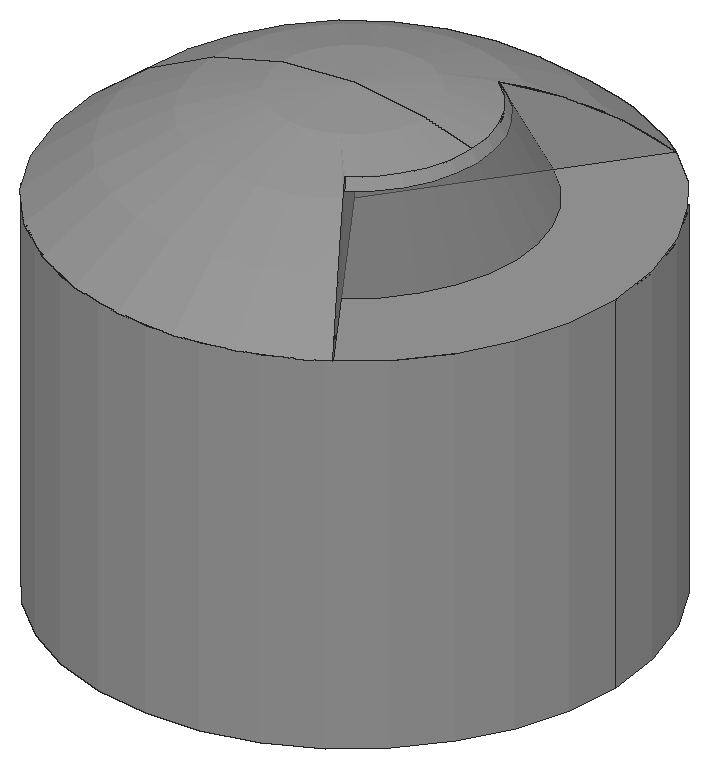
Revit family "4069407 Sylvania Lighting Fixture PATHE GROUND DECO MONO2 NARROW 98LM LED 3K", category Lighting Fixtures, host Face, Revit 2016
Family settings
  Host = Face
  Part Type = Normal
  Round Connector Dimension = Use Diameter
  OmniClass Number = 23.80.70.00
  OmniClass Title = Lighting
  Cut with Voids When Loaded = No
  Light Source = No
  Shared = No
  Room Calculation Point = No
Parameters (values of type "4069407 PATHE/G/DM2 NAR 98LM LED 3K")
  Weight = "0.9 kg"
  Wattage Comments = ""
  WarrantyStartDate [instance] = "n/a"
  WarrantyGuarantorParts = "n/a"
  WarrantyDurationUnit = "n/a"
  WarrantyDurationParts = "n/a"
  WarrantyDescription = "n/a"
  Voltage = 0 V
  URL = "http://www.sylvania-lighting.com"
  TypeName = "PATHE/GROUND/DECO MONO2 NARROW 98LM LED 3K"
  TypeLight_SYL = Pathe DM light : 4069407 PATHE/G/DM2 NAR 98LM LED 3K
  Type Image = <None>
  Type Comments = "n/a"
  SerialNumber [instance] = "n/a"
  RotationStart_SYL [instance] = if(BeamInclination22Deg_SYL, 22.00°, if(BeamInclination45Deg_SYL, 45.00°, 0.00°))  # 0.00°
  RotationEnd_SYL [instance] = RotationStart_SYL + 180.00°  # 180.00°
  Radius_SYL = 145 mm / 2  # 72.5 mm
  RadiusRef_SYL = 120 mm  # constant formula
  RadiusOpeningTop_SYL = 30 mm  # constant formula
  RadiusDome_SYL = 212 mm / 2  # 106 mm
  RadiusDiffuserBottom_SYL = 45 mm  # constant formula
  Offset_SYL = 0 mm
  Material_3_SYL = none
  PowerFactor = 0
  PowerConsumption = "4 W"
  NominalLength = 145 mm
  NominalHeight = 93 mm
  NominalDepth = 0 mm
  Name = "PATHE/GROUND/DECO MONO2 NARROW 98LM LED 3K"
  ModelReference = Name  # "PATHE/GROUND/DECO MONO2 NARROW 98LM LED 3K"
  ModelNumber = "4069407"
  Model = Name  # "PATHE/GROUND/DECO MONO2 NARROW 98LM LED 3K"
  Material = "corrosion resistant die-cast aluminium housing, uv-resistant polycarbonate diffuser"
  ManufacturerName = "Feilo Sylvania"
  Manufacturer = "Feilo Sylvania"
  LuminousEfficacy = "24.5 lm/W"
  LuminaireType = ""
  LightOutputRatio = "100"
  LampsType = Lamp  # "LED"
  LampNominalLuminous = "98 lm"
  LampMacAdamStep = "n/a"
  LampColourTemperature = "3000 K"
  LampColourRenderingIndex = "80"
  Lamp = "LED"
  Keynote = "16500"
  InstallationDate [instance] = "n/a"
  InputVoltage = "n/a"
  InputNominalFrequency = "n/a"
  IngressProtection = "IP67"
  ImpactProtectionIndex = "IK10"
  IfcExportType = "IfcLightFixtureType"
  IfcExportAs = "IfcLightFixtureType"
  HieghtGround_SYL = 93 mm  # constant formula
  HeightDome_SYL = 32 mm  # constant formula
  ExpectedLife = 50000
  EmittionSurface_SYL = 40 mm  # constant formula
  ElectricShockClassification = "Class I"
  DurationUnit = "hours"
  DocumentationLiterature = "http://www.sylvania-lighting.com/product/en-int/products/4069407"
  DimmingControlOptions = "n/a"
  Material_2_SYL = PC-Sylvania-PatheDM-Glow
  Description = "Single emission recessed ground luminaire, Corrosion resistant die-cast aluminium, 98lm, 4W, 24lm/W, 3000K, CRI80+, 10°, non dimmable, IP67, IK10, (ØxD) Ø145x125mm, 3 step MacAdam ellipse, 1.2kg, Class I, 220-240V, A++ A+ A"
  Default Elevation = 1219.2 mm
  CreatedOn = "9/26/2018"
  CreatedBy = "@sylvania-lighting.com"
  Cost = 0
  built-in parameter 1114216 [instance] = (empty or 0)
  ClassificationValue = "EF_70_80"
  ClassificationName = "Uniclass2015"
  Material_1_SYL = Aluminum 6061 T6 80 Hot Formed
  BeamInclination45Deg_SYL [instance] = no
  BeamInclination22Deg_SYL [instance] = no
  BarCode [instance] = "n/a"
  AssetType = "Fixed"
  AssetIdentifier [instance] = "n/a"
  Assembly Code = "D5020200"
  Apparent Load = 4 VA
  Material_4_SYL = none
  AngleOpening_SYL = 55.00°
  AngleOpeningMINUS_SYL = -AngleOpening_SYL  # -55.00°
Reference planes
  plane 1 "Center (Front/Back)": y = 0
  plane 2: z = 0
  plane 3 "Center (Left/Right)": x = 0
  plane 4: x = -72.5
  plane 5: z = 32
  plane 6: z = -93
  plane 7: z = -50.5
  plane 8: x = 45
  plane 9: x = 30
  plane 10: z = 24
  plane 11: x = 40
  plane 12: z = 14
Forms (mm)
  Revolve 1, void
    sketch origin (0, 0, 0) x (1, 0, 0) y (0, 0, 1)
      loop
        line (0, -93) -> (0, 0) -> (-72.5, 0) -> (-72.5, -93) -> (0, -93)
      axis (0, 0) -> (0, -93)
    angle from 360 to 0
  Revolve 2, solid, material "Aluminum 6061 T6 80 Hot Formed" <- "Material_1_SYL"
    sketch origin (0, 0, 0) x (1, 0, 0) y (0, 0, 1)
      loop
        arc (0, 32) -> (-38.982, 24.572) -> (-72.5, 3.329) r 106
        line (-72.5, 3.329) -> (-72.5, -93) -> (0, -93) -> (0, 32)
      axis (0, 32) -> (0, -93)
    angle from 360 to 0
  Blend 3, void
    base sketch origin (1223.4, -4572, 32) x (-1, 0, 0) y (0, -1, 0)
      loop
        arc (1206.193, -4596.575) -> (1193.4, -4572) -> (1206.193, -4547.425) r 30
        line (1206.193, -4547.425) -> (1154.571, -4473.702)
        arc (1154.571, -4473.702) -> (1103.4, -4572) -> (1154.571, -4670.298) r 120
        line (1154.571, -4670.298) -> (1206.193, -4596.575)
    top sketch origin (1223.4, -4572, 32) x (-1, 0, 0) y (0, -1, 0)
      loop
        line (1154.571, -4670.298) -> (1197.589, -4608.862)
        arc (1197.589, -4608.862) -> (1178.4, -4572) -> (1197.589, -4535.138) r 45
        line (1197.589, -4535.138) -> (1154.571, -4473.702)
        arc (1154.571, -4473.702) -> (1103.4, -4572) -> (1154.571, -4670.298) r 120
    from 0 to -28.671
  Revolve 4, void
    sketch origin (0, 0, 0) x (1, 0, 0) y (0, 0, 1)
      loop
        line (0, 24) -> (0, 3.329) -> (45, 3.329) -> (45, 24) -> (0, 24)
      axis (0, 24) -> (0, 3.329)
    angle from -55 <- "AngleOpeningMINUS_SYL" to 55 <- "AngleOpening_SYL"
  Revolve 5, solid, material "PC-Sylvania-PatheDM-Glow" <- "Material_2_SYL"
    sketch origin (0, 0, 0) x (1, 0, 0) y (0, 0, 1)
      loop
        line (0, 24) -> (0, 3.329) -> (45, 3.329) -> (34.185, 24) -> (0, 24)
      axis (0, 24) -> (0, 3.329)
    angle from -55 <- "AngleOpeningMINUS_SYL" to 55 <- "AngleOpening_SYL"
  Revolve 6, solid, not visible
    sketch origin (40, 1524, 1219.2) x (0, 1, 0) y (0, 0, 1)
      loop
        line (-1520, -1205.2) -> (-1520, -1202.402) -> (-1528, -1202.402) -> (-1528, -1205.2) -> (-1520, -1205.2)
      axis (-1520, -1205.2) -> (-1528, -1205.2)
    angle from 0 <- "RotationStart_SYL" to 180 <- "RotationEnd_SYL"
Cuts and joins
  Blend 3, Revolve 4 cuts Revolve 2
Lines and regions (mm)
  reference lines
    curve 1: circle (0, 0, -74) r 106 normal (0, -1, 0)
    curve 2: line (-72.5, 0, 3.329) -> (0, 0, 3.329)
    curve 3: circle (0, 0, 32) r 30 normal (0, 0, -1)
    curve 4: line (0, 0, 32) -> (34.415, 49.149, 32)
    curve 5: line (0, 0, 32) -> (34.415, -49.149, 32)
    curve 6: line (0, 0, 32) -> (40.15, 57.341, 32)
    curve 7: line (40.15, -57.341, 32) -> (0, 0, 32)
    curve 8: circle (0, 0, 32) r 45 normal (0, 0, -1)
    curve 9: line (30, 0, 32) -> (45, 0, 3.329)
    curve 10: line (40, -4, 1.596) -> (40, -4, 32)
    curve 11: line (40, 4, 32) -> (40, 4, 1.596)
    curve 12: circle (0, 0, 32) r 120 normal (0, 0, -1)
Dimensions and locks
  "Radius_SYL": plane 3 "Center (Left/Right)" to plane 4
  "HeightDome_SYL": plane 5 to plane 2
  "HieghtGround_SYL": plane 2 to plane 6
  "RadiusDome_SYL": plane 5 to curve 1
  "Offset_SYL": curve 6 to curve 4
  "Offset_SYL": curve 5 to curve 7
  "RadiusOpeningTop_SYL": plane 3 "Center (Left/Right)" to plane 9
  "RadiusDiffuserBottom_SYL": plane 3 "Center (Left/Right)" to plane 8
  locked: plane 5 to plane 10 at 8
  "EmittionSurface_SYL": plane 3 "Center (Left/Right)" to plane 11
  locked: plane 10 to plane 12 at 10
  curve 10 to plane 1 "Center (Front/Back)" to curve 11 = 4 mm locked, 4 mm locked
  "RadiusDome_SYL": radius of curve 1
  "RadiusOpeningTop_SYL": radius of curve 3
  "RadiusDiffuserBottom_SYL": radius of curve 8
  "RadiusRef_SYL": radius of curve 12
  "AngleOpening_SYL": angle plane 1 "Center (Front/Back)" to curve 4
  "AngleOpening_SYL": angle curve 5 to plane 1 "Center (Front/Back)"
  "AngleOpening_SYL": angle plane 1 "Center (Front/Back)" to curve 6
  "AngleOpening_SYL": angle curve 7 to plane 1 "Center (Front/Back)"
  aligned and locked: plane 2 to host face
  aligned and locked: level to host face
  aligned and locked: plane 3 "Center (Left/Right)" to curve 1
  aligned and locked: plane 3 "Center (Left/Right)" to curve 2
  aligned and locked: Revolve 1 sketch curve to plane 3 "Center (Left/Right)"  (x2)
  aligned and locked: Revolve 1 sketch curve to plane 6
  aligned and locked: Revolve 1 sketch curve to level
  aligned and locked: plane 4 to Revolve 1 sketch curve
  aligned and locked: Revolve 2 sketch curve to plane 3 "Center (Left/Right)"  (x2)
  aligned and locked: Revolve 2 sketch curve to curve 1
  aligned and locked: Revolve 2 sketch curve to plane 4
  aligned and locked: plane 3 "Center (Left/Right)" to curve 3
  aligned and locked: plane 1 "Center (Front/Back)" to curve 3
  aligned and locked: plane 3 "Center (Left/Right)" to curve 4
  aligned and locked: plane 1 "Center (Front/Back)" to curve 6
  aligned and locked: plane 3 "Center (Left/Right)" to curve 8
  aligned and locked: plane 1 "Center (Front/Back)" to curve 8
  aligned and locked: plane 5 to Blend 3
  aligned and locked: curve 2 to Blend 3
  aligned and locked: curve 9 to cut or joined group of Revolve 2, Blend 3, Revolve 4
  aligned and locked: plane 9 to curve 9
  aligned and locked: plane 5 to curve 9
  aligned and locked: plane 8 to curve 9
  aligned and locked: curve 2 to curve 9
  aligned and locked: Revolve 4 sketch curve to plane 3 "Center (Left/Right)"
  aligned and locked: Revolve 4 sketch curve to curve 2
  aligned and locked: plane 3 "Center (Left/Right)" to Revolve 4 sketch curve
  aligned and locked: Revolve 4 sketch curve to plane 8
  aligned and locked: plane 10 to Revolve 4 sketch curve
  aligned and locked: Revolve 5 sketch curve to plane 3 "Center (Left/Right)"
  aligned and locked: curve 9 to Revolve 5 sketch curve
  aligned and locked: Revolve 6 sketch curve to plane 12  (x2)
  aligned and locked: curve 11 to Revolve 6 sketch curve
  aligned and locked: curve 10 to Revolve 6 sketch curve
  aligned and locked: plane 6 to Revolve 2 sketch curve
  aligned and locked: plane 1 "Center (Front/Back)" to nested 1
  aligned and locked: plane 12 to nested 1
  aligned and locked: Blend 3 sketch curve to curve 12  (x2)
  aligned and locked: curve 6 to Blend 3 sketch curve
  aligned and locked: Blend 3 sketch curve to curve 7
  aligned and locked: Blend 3 sketch curve to curve 3
  aligned and locked: Revolve 5 to Blend 3 sketch curve  (x2)
  aligned and locked: Blend 3 sketch curve to curve 8
Automatic sketch dimensions
  host sketch curve to host sketch curve = 2438.4 mm  (x2)
  plane 6 to Revolve 1 sketch curve = 534.6 mm
  Revolve 1 sketch curve to plane 5 = 2589.058 mm
  plane 6 to Revolve 4 sketch curve = 534.6 mm
  Revolve 4 sketch curve to plane 5 = 2589.058 mm
  plane 6 to Revolve 5 sketch curve = 534.6 mm
  Revolve 5 sketch curve to plane 5 = 2589.058 mm
  curve 2 to plane 4 = 0 mm
  plane 5 to curve 11 = 0 mm
  plane 5 to curve 10 = 0 mm
  level to curve 10 = 1.596 mm
  level to curve 11 = 1.596 mm
  Revolve 6 sketch curve to Revolve 6 sketch curve = 2.798 mm
  Revolve 6 sketch curve to Revolve 6 sketch curve = 2550.941 mm
  Revolve 6 sketch curve to Revolve 6 sketch curve = 2093.409 mm
  plane 6 to Revolve 2 sketch curve = 534.6 mm
  Revolve 2 sketch curve to Revolve 2 sketch curve = 2589.058 mm
  curve 3 to curve 12 = 0 mm  (x2)
  Blend 3 sketch curve to Blend 3 sketch curve = 0 mm  (x2)
  Revolve 5 sketch curve to plane 3 "Center (Left/Right)" = 0 mm
  Revolve 5 sketch curve to plane 10 = 0 mm
  Revolve 5 sketch curve to plane 8 = 0 mm
Nested families
  nested 1: "Pathe DM light" at (40, 0, 14) x (0, 0, 1) z (1, 0, 0), type <- "TypeLight_SYL", type "4069407 PATHE/G/DM2 NAR 98LM LED 3K"
    with built-in parameter 1114216 (empty or 0)
Connectors
  electrical at (0, 0, 0), driven by "Apparent Load", driven by "PowerFactor", driven by "Voltage"
    settings: index 1, voltage 0 V, apparent load 4 VA, apparent load phase1 0 VA, apparent load phase2 0 VA, apparent load phase3 0 VA, power factor 0, load classification "Lighting", number of poles 1, system type 30, power factor state 1, is connector primary yes, connector utility no, sub classification motor no, connector description ""
Definition of nested family "Pathe DM light"
  Parameters (values of type "4069478 PATHE/G/DM3 ELLIP 320LM LED 4K")
    Wattage Comments = "n/a"
    Wattage = 11 W
    built-in parameter 1150110 = 1 (stored number, unit not read)
    URL = "http://www.sylvania-lighting.com"
    Type Image = (empty or 0)
    Type Comments = "n/a"
    built-in parameter 1114217 = 1 (stored number, unit not read)
    Tilt Angle = -90.00°
    built-in parameter 1150109 = 1 (stored number, unit not read)
    built-in parameter 1150134 = 12
    built-in parameter 1150113 = 1 (stored number, unit not read)
    RadiusTop_SYL = 463.25 mm
    RadiusSide_SYL = 88.395 mm
    RadiusLensCircle_SYL = 25.5 mm
    Photometric Web File = "Pathe Ground DM.ies"
    built-in parameter 1150142 = "IESNA:LM-63-2002\r\n[TEST] \"\"\r\n[TESTLAB] FEILO SYLVANIA Lighting EULUMDAT\r\n[TESTDATE] 26 Oct 2017\r\n[ISSUEDATE] 26 Oct 2017\r\n[MANUFAC] FEILO SYLVANIA Lighting EULUMDAT\r\n[LUMCAT] 0027954\r\n[LUMINAIRE] RefLED Superia v3 MR16 Dimmable 450lm 840 25°\r\n[FLASHAREA] 0.000195\r\n[LAMPCAT] RefLED Superia v3 MR16 Dimmable 450lm 840 25°\r\n[LAMP] RefLED Superia v3 MR16 Dimmable 450lm 840 25°\r\nTILT=NONE\r\n1 500.00 1.0 67 1 1 2 -0.032 -0.032 0.000\r\n1.00 1.00 5.00\r\n0.00 0.50 1.00 1.50 2.00 2.50 3.00 3.50 4.00 4.50 5.00 \r\n6.00 7.00 8.00 9.00 10.00 11.00 12.00 13.00 14.00 15.00 \r\n16.00 17.00 18.00 19.00 20.00 21.00 22.00 23.00 24.00 \r\n25.00 26.00 27.00 28.00 29.00 30.00 32.00 34.00 36.00 \r\n38.00 40.00 42.00 44.00 45.00 46.00 48.00 50.00 52.00 \r\n54.00 56.00 58.00 60.00 62.00 64.00 66.00 68.00 70.00 \r\n72.00 74.00 76.00 78.00 80.00 82.00 84.00 86.00 88.00 \r\n90.00 \r\n0.00 \r\n952.00 950.00 948.50 945.00 940.00 932.00 923.00 911.00 \r\n898.00 881.00 860.50 800.50 740.00 692.50 642.50 587.00 \r\n533.00 481.50 432.00 382.50 334.00 288.50 250.00 212.00 \r\n181.50 156.00 134.00 117.50 103.50 92.00 82.50 74.00 \r\n67.50 60.50 55.00 49.75 41.20 34.30 28.55 24.25 20.95 \r\n18.20 16.00 15.15 14.35 12.70 11.45 10.45 9.50 8.40 7.60 \r\n6.75 5.95 3.45 1.50 0.70 0.55 0.55 0.55 0.70 0.70 0.70 \r\n0.70 0.70 0.70 0.70 0.70 \r\n"
    Model = "PATHE/GROUND/DECO MONO3 ELLIPTICAL 320LM LED 4K"
    Manufacturer = "Feilo Sylvania"
    built-in parameter 1150105 = 609.28 (stored number, unit not read)
    Lumens = 320 lm
    built-in parameter 1150115 = 1 (stored number, unit not read)
    built-in parameter 1150137 = (empty or 0)
    built-in parameter 1150139 = (empty or 0)
    built-in parameter 1150112 = 1 (stored number, unit not read)
    built-in parameter 1150114 = 1 (stored number, unit not read)
    Lamp = "LED"
    Keynote = "16500"
    built-in parameter 1150132 = (empty or 0)
    built-in parameter 1150102 = (empty or 0)
    built-in parameter 1150107 = 4000 (stored number, unit not read)
    built-in parameter 1150138 = (empty or 0)
    built-in parameter 1150106 = 6.0928 (stored number, unit not read)
    built-in parameter 1150104 = 2.7026 (stored number, unit not read)
    Dimming Lamp Color Temperature Shift = (empty or 0)
    Description = "Single emission recessed ground luminaire, Corrosion resistant die-cast aluminium, 320lm, 11W, 29lm/W, 4000K, CRI80+, 13°,40°, non dimmable, IP67, IK10, (ØxD) Ø215x245mm, 3, Class I, 220-240V, A++ A+ A"
    Default Elevation = 1219.2 mm
    Cost = 0
    Color Filter = 16777215
    built-in parameter 1114216 [instance] = (empty or 0)
    built-in parameter 1114218 = 1 (stored number, unit not read)
    built-in parameter 1150133 = 10 (stored number, unit not read)
    Assembly Code = "D5020200"
    Apparent Load = 11 VA
  Types (12, lengths in mm): name | Wattage | built-in parameter 1150134 | Model | built-in parameter 1150105 | Lumens | built-in parameter 1150107 | built-in parameter 1150106 | built-in parameter 1150104 | Description | Apparent Load
    4069478 PATHE/G/DM3 ELLIP 320LM LED 4K | 11 W | 12 | "PATHE/GROUND/DECO MONO3 ELLIPTICAL 320LM LED 4K" | 609.28 (stored number, unit not read) | 320 lm | 4000 (stored number, unit not read) | 6.0928 (stored number, unit not read) | 2.7026 (stored number, unit not read) | "Single emission recessed ground luminaire, Corrosion resistant die-cast aluminium, 320lm, 11W, 29lm/W, 4000K, CRI80+, 13°,40°, non dimmable, IP67, IK10, (ØxD) Ø215x245mm, 3, Class I, 220-240V, A++ A+ A" | 11 VA
    4069477 PATHE/G/DM1 ELLIP 51LM LED 4K | 1.5 W | 12 | "PATHE/GROUND/DECO MONO1 ELLIPTICAL 51LM LED 4K" | 97.104 (stored number, unit not read) | 51 lm | 4000 (stored number, unit not read) | 0.97104 (stored number, unit not read) | 3.1587 (stored number, unit not read) | "Single emission recessed ground luminaire, Corrosion resistant die-cast aluminium, 51lm, 1.5W, 34lm/W, 4000K, CRI80+, 13°,40°, non dimmable, IP67, IK10, (ØxD) Ø95x95mm, 3 step MacAdam ellipse, 1.2kg, Class I, 220-240V, A++ A+ A" | 1.5 VA
    4069413 PATHE/G/DM3 NAR 323LM LED 3K | 11 W | (empty or 0) | "PATHE/GROUND/DECO MONO3 NARROW 323LM LED 3K" | 614.99 (stored number, unit not read) | 323 lm | 3000 (stored number, unit not read) | 6.1499 (stored number, unit not read) | 2.728 (stored number, unit not read) | "Single emission recessed ground luminaire, Corrosion resistant die-cast aluminium, 323lm, 11W, 29lm/W, 3000K, CRI80+, 10°, non dimmable, IP67, IK10,  (ØxD) Ø215x245mm, 3 step MacAdam ellipse, Class I, 220-240V, A++ A+ A" | 11 VA
    4069412 PATHE/G/DM3 ELLIP 302LM LED 3K | 11 W | (empty or 0) | "PATHE/GROUND/DECO MONO3 ELLIPTICAL 302LM LED 3K" | 575.01 (stored number, unit not read) | 302 lm | 3000 (stored number, unit not read) | 5.7501 (stored number, unit not read) | 2.5506 (stored number, unit not read) | "Single emission recessed ground luminaire, Corrosion resistant die-cast aluminium, 302lm, 11W, 27lm/W, 3000K, CRI80+, 13°,40°, non dimmable, IP67, IK10, (ØxD) Ø215x245mm, 3 step MacAdam ellipse, Class I, 220-240V, A++ A+ A" | 11 VA
    4069411 PATHE/G/DM3 NAR 342LM LED 4K | 11 W | 12 | "PATHE/GROUND/DECO MONO3 NARROW 342LM LED 4K" | 651.17 (stored number, unit not read) | 342 lm | 4000 (stored number, unit not read) | 6.5117 (stored number, unit not read) | 2.8884 (stored number, unit not read) | "Single emission recessed ground luminaire, Corrosion resistant die-cast aluminium, 342lm, 11W, 31lm/W, 4000K, CRI80+, 10°, non dimmable, IP67, IK10, (ØxD) Ø215x245mm, 3 step MacAdam ellipse, Class I, 220-240V, A++ A+ A" | 11 VA
    4069407 PATHE/G/DM2 NAR 98LM LED 3K | 4 W | (empty or 0) | "PATHE/GROUND/DECO MONO2 NARROW 98LM LED 3K" | 186.59 (stored number, unit not read) | 98 lm | 3000 (stored number, unit not read) | 1.8659 (stored number, unit not read) | 2.2761 (stored number, unit not read) | "Single emission recessed ground luminaire, Corrosion resistant die-cast aluminium, 98lm, 4W, 24lm/W, 3000K, CRI80+, 10°, non dimmable, IP67, IK10, (ØxD) Ø145x125mm, 3 step MacAdam ellipse, 1.2kg, Class I, 220-240V, A++ A+ A" | 4 VA
    4069406 PATHE/G/DM2 ELLIP 102LM LED 3K | 4 W | (empty or 0) | "PATHE/GROUND/DECO MONO2 ELLIPTICAL 102LM LED 3K" | 194.21 (stored number, unit not read) | 102 lm | 3000 (stored number, unit not read) | 1.9421 (stored number, unit not read) | 2.369 (stored number, unit not read) | "Single emission recessed ground luminaire, Corrosion resistant die-cast aluminium, 102lm, 4W, 25lm/W, 3000K, CRI80+, 13°,40°, non dimmable, IP67, IK10, (ØxD) Ø145x125mm, 3 step MacAdam ellipse, 1.2kg, Class I, 220-240V, A++ A+ A" | 4 VA
    4069405 PATHE/G/DM2 NAR 104LM LED 4K | 4 W | 12 | "PATHE/GROUND/DECO MONO2 NARROW 104LM LED 4K" | 198.02 (stored number, unit not read) | 104 lm | 4000 (stored number, unit not read) | 1.9802 (stored number, unit not read) | 2.4155 (stored number, unit not read) | "Single emission recessed ground luminaire, Corrosion resistant die-cast aluminium, 104lm, 4W, 26lm/W, 4000K, CRI80+, 10°, non dimmable, IP67, IK10, (ØxD) Ø145x125mm, 3 step MacAdam ellipse, 1.2kg, Class I, 220-240V, A++ A+ A" | 4 VA
    4069404 PATHE/G/DM2 ELLIP 108LM LED 4K | 4 W | 12 | "PATHE/GROUND/DECO MONO2 ELLIPTICAL 108LM LED 4K" | 205.63 (stored number, unit not read) | 108 lm | 4000 (stored number, unit not read) | 2.0563 (stored number, unit not read) | 2.5084 (stored number, unit not read) | "Single emission recessed ground luminaire, Corrosion resistant die-cast aluminium, 108lm, 4W, 27lm/W, 4000K, CRI80+, 13°,40°, non dimmable, IP67, IK10, (ØxD) Ø145x125mm, 3 step MacAdam ellipse, 1.2kg, Class I, 220-240V, A++ A+ A" | 4 VA
    4069403 PATHE/G/DM1 NAR 54LM LED 3K | 1.5 W | (empty or 0) | "PATHE/GROUND/DECO MONO1 NARROW 54LM LED 3K" | 102.82 (stored number, unit not read) | 54 lm | 3000 (stored number, unit not read) | 1.0282 (stored number, unit not read) | 3.3445 (stored number, unit not read) | "Single emission recessed ground luminaire, Corrosion resistant die-cast aluminium, 54lm, 1.5W, 36lm/W, 3000K, CRI80+, 10°, non dimmable, IP67, IK10, (ØxD) Ø95x95mm, 3 step MacAdam ellipse, Class I, 220-240V, A++ A+ A" | 1.5 VA
    4069402 PATHE/G/DM1 ELLIP 49LM LED 3K | 1.5 W | (empty or 0) | "PATHE/GROUND/DECO MONO1 ELLIPTICAL 49LM LED 3K" | 93.296 (stored number, unit not read) | 49 lm | 3000 (stored number, unit not read) | 0.93296 (stored number, unit not read) | 3.0348 (stored number, unit not read) | "Single emission recessed ground luminaire, Corrosion resistant die-cast aluminium, 49lm, 1.5W, 33lm/W, 3000K, CRI80+, 13°,40°, non dimmable, IP67, IK10, (ØxD) Ø95x95mm, 3 step MacAdam ellipse, 1.2kg, Class I, 220-240V, A++ A+ A" | 1.5 VA
    4069401 PATHE/G/DM1 NAR 57LM LED 4K | 1.5 W | 12 | "PATHE/GROUND/DECO MONO1 NARROW 57LM LED 4K" | 108.53 (stored number, unit not read) | 57 lm | 4000 (stored number, unit not read) | 1.0853 (stored number, unit not read) | 3.5303 (stored number, unit not read) | "Single emission recessed ground luminaire, Corrosion resistant die-cast aluminium, 57lm, 1.5W, 38lm/W, 4000K, CRI80+, 10°, non dimmable, IP67, IK10, (ØxD) Ø95x95mm, 3 step MacAdam ellipse, Class I, 220-240V, A++ A+ A" | 1.5 VA
  Reference planes
    plane 1 "Center (Front/Back)": y = 0
    plane 2: z = 0
    plane 3 "Center (Left/Right)": x = 0
  Forms (mm)
    Extrusion 1, solid
      sketch origin (4.2, 0, 0) x (1, 0, 0) y (0, 1, 0)
        loop
          line (-1219.2, 1219.2) -> (-1219.2, -1219.2) -> (1219.2, -1219.2) -> (1219.2, 1219.2) -> (-1219.2, 1219.2)
      from 0 to -68.017
  Dimensions and locks
    aligned and locked: plane 2 to Extrusion 1
    aligned and locked: level to Extrusion 1
    aligned and locked: plane 3 "Center (Left/Right)" to imposter light
    aligned and locked: imposter light to plane 1 "Center (Front/Back)"
    aligned and locked: plane 2 to imposter light
